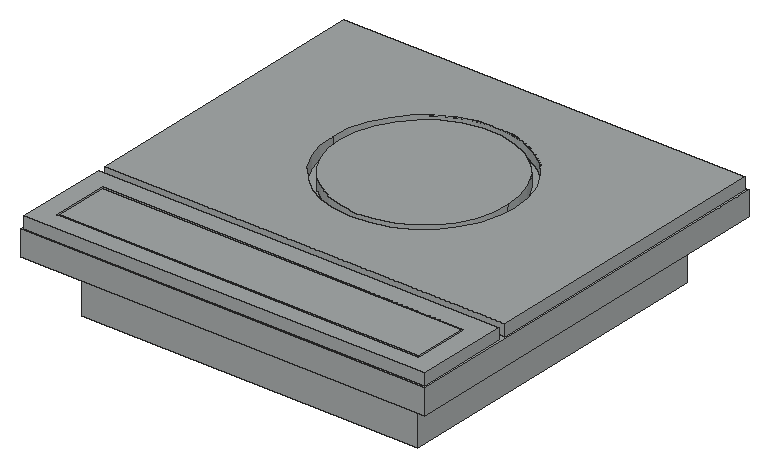
Revit family "Gira_5568926", category Electrical Fixtures, host Face, Revit 2017
Family settings
  Host = Face
  Maintain Annotation Orientation = Yes
  Round Connector Dimension = Use Diameter
  Part Type = Normal
  Cut with Voids When Loaded = No
  Shared = No
  Room Calculation Point = No
Parameters (values of type "Blank mod. System 106 alum.")
  Width = "0.1065"
  URL = "http://katalog.gira.de/en/datenblatt.html?artikelnr=5568926"
  Number of bell buttons = "0"
  Name = "Blank mod. System 106 alum."
  Model = "Sys106_Abdeckung_Schalten und Tasten"
  Manufacturer URL = "https://www.gira.de/"
  Manufacturer = "Gira"
  Installation technique = "Bus system"
  HeinzeBIM = "https://bimportal.heinze.de/bim/blank-mod-system-106-alum-/7e61e659c46ab993001918db1cf8af7d8b333562"
  Height = "0.1065"
  HAN = "5568926"
  GTIN = "4010337022855"
  Edelstahl [instance] = Edelstahl
  Description = "Bl.mod. S106 AL,System 106 blank module,,Aluminium,The Gira System 106 is an installation system made of metal in a puristic and elegant frameless design, based on basic measurements of 106.5 × 106.5 mm. With the modular door intercom in Gira System 106, hospitality begins even before you reach the front door. All the functions are presented in a harmonious overall appearance, from the call button module, intercom module, and camera module, up to the info and blank module. In the dark, backlit call buttons with inscription space ensure good legibility and an attractive appearance.,,Individually adaptable modular system, The System 106 can be used in family homes or apartment buildings, as well as in office buildings, industrial properties, and hotels. The modular design enables the system's size, design, and functionality to be individually adapted to the respective requirements. Expansions and changes are possible at any time by easily exchanging the modules.,With this system, it is also possible to exchange the fronts only. This means that the appearance of the system can be changed from e.g. traffic white to a stainless steel surface at a later stage, without having to exchange the electronic units.,,High-quality materials,The modules are frameless with design fronts made of genuine materials, available in two brushed stainless steel versions (V2A and V4A), anodised aluminium C-0, and a metal alloy lacquered in traffic white (RAL 9016): all robust materials which ensure durability. The camera and DIN 18040 display module feature a black glass cover.,,Easy and phased installation,The system can be installed in phases, in parallel to the progress of building work. In this way, it is possible to initially install only the lower part of a surface-mounted housing during construction of the shell; cables and modules can then be added when they are needed.,,Individual inscription options,Call button modules and info modules can be labelled individually via the Gira inscription service.,,Features:,- Leaves a space for future applications and serves as a design element for realising large door stations in the system style.,,Notes :,- The info module must be selected for an inscribable variant."
  Default Elevation = 1219.2 mm
  Data sheet (1) = "https://katalog.gira.de/en/download.html?artikelnr=5568926"
  Colour = "Silver"
  Category = "Functional module for door communication"
  BIM (1) = "https://media.stage.bim.site/public/gira/36a6b08/Sys106_Abdeckung_Schalten und Tasten.rfa?public/gira/36a6b08/Sys106_Abdeckung_Schalten und Tasten.rfa"
  Available = "No"
Reference planes
  plane 1 "Center (Front/Back)": y = 0
  plane 2 "Reference Level 0": z = 0
  plane 3 "Center (Left/Right)": x = 0
  plane 4 "Reference Level 1": z = 9.5
Forms (mm)
  Extrusion 1, solid, material "Edelstahl" <- "Edelstahl", detail levels coarse
    sketch origin (0, 0, 0) x (1, 0, 0) y (0, 1, 0)
      loop
        line (-53, 53) -> (-53, -53) -> (53, -53) -> (53, 53) -> (-53, 53)
    from -14.7 to 9.5
  Extrusion 2, solid, material "Edelstahl" <- "Edelstahl", detail levels fine
    sketch origin (0, 0, 0) x (1, 0, 0) y (0, 1, 0)
      loop
        line (52.5, -28) -> (-52.5, -28) -> (-52.5, -52.5) -> (52.5, -52.5) -> (52.5, -28)
      loop
        line (-47.5, -48) -> (47.5, -48) -> (47.5, -33) -> (-47.5, -33) -> (-47.5, -48)
    from 6.5 to 9.5
  Extrusion 3, solid, material "Edelstahl" <- "Edelstahl", detail levels fine
    sketch origin (0, 0, 0) x (1, 0, 0) y (0, 1, 0)
      loop
        line (-52.5, 52.5) -> (-52.5, -26) -> (52.5, -26) -> (52.5, 52.5) -> (-52.5, 52.5)
      loop
        circle (0, 13) r 24
    from 6.5 to 9.5
  Extrusion 4, solid, material "Edelstahl" <- "Edelstahl", detail levels medium+fine
    sketch origin (0, 0, 0) x (1, 0, 0) y (0, 1, 0)
      loop
        line (-53, 53) -> (-53, -53) -> (53, -53) -> (53, 53) -> (-53, 53)
    from 0 to 6.5
  Extrusion 5, solid, material "Edelstahl" <- "Edelstahl", detail levels fine
    sketch origin (0, 0, 0) x (1, 0, 0) y (0, 1, 0)
      loop
        line (-44, 44) -> (-44, -44) -> (44, -44) -> (44, 44) -> (-44, 44)
    from -14.7 to 0
  Extrusion 6, solid, material "Edelstahl" <- "Edelstahl", detail levels fine
    sketch origin (0, 0, 0) x (1, 0, 0) y (0, 1, 0)
      loop
        circle (0, 13) r 22
    from 6.5 to 9.5
  Extrusion 7, solid, material "Edelstahl" <- "Edelstahl", detail levels fine
    sketch origin (0, 0, 0) x (1, 0, 0) y (0, 1, 0)
      loop
        line (-47, -33.5) -> (-47, -47.5) -> (47, -47.5) -> (47, -33.5) -> (-47, -33.5)
    from 6.5 to 9.5
  Extrusion 8, solid, material "Edelstahl" <- "Edelstahl", detail levels medium
    sketch origin (0, 0, 0) x (1, 0, 0) y (0, 1, 0)
      loop
        line (-52.5, 52.5) -> (-52.5, -26) -> (52.5, -26) -> (52.5, 52.5) -> (-52.5, 52.5)
      loop
        line (-52.5, -28) -> (-52.5, -52.5) -> (52.5, -52.5) -> (52.5, -28) -> (-52.5, -28)
    from 6.5 to 9.5
  Extrusion 9, solid, material "Edelstahl" <- "Edelstahl", detail levels medium
    sketch origin (0, 0, 0) x (1, 0, 0) y (0, 1, 0)
      loop
        circle (0, 13) r 24
      loop
        line (-47.5, -33) -> (-47.5, -48) -> (47.5, -48) -> (47.5, -33) -> (-47.5, -33)
    from 6.5 to 9.5
Dimensions and locks
  aligned and locked: plane 2 "Reference Level 0" to host face
  aligned and locked: level to host face
  aligned and locked: Extrusion 4 to host face
  aligned and locked: Extrusion 4 to level
  aligned and locked: level to Extrusion 5
  aligned and locked: level to Extrusion 4
  aligned and locked: Extrusion 4 to plane 2 "Reference Level 0"
  aligned and locked: plane 2 "Reference Level 0" to Extrusion 5
  aligned and locked: plane 3 "Center (Left/Right)" to nested 1
  aligned and locked: plane 1 "Center (Front/Back)" to nested 1
Nested families
  nested 1: "Schalter" at (0, 0, 0), type "Schalter"
Connectors
  electrical at (0, 0, -14.7)
    settings: on Extrusion 5, index 1, voltage 220 V, apparent load 0 VA, apparent load phase1 0 VA, apparent load phase2 0 VA, apparent load phase3 0 VA, power factor 1, load classification "Other", number of poles 1, system type 30, power factor state 1, is connector primary yes, connector utility no, sub classification motor no, connector description ""
Definition of nested family "Schalter"
  Reference planes
    plane 1: y = 0
    plane 2: x = 0
  Lines and regions (mm)
    detail lines
      curve 1: circle (1.375, 2.778, 0) r 0.8 normal (0, 0, 1)
      curve 2: line (1.021, 2.061, 0) -> (0, 0, 0)
      curve 3: line (0, 0, 0) -> (-0.538, 0.266, 0)
  Dimensions and locks
    curve 2 to curve 2 = 2.3 mm
    curve 3 to curve 2 = 0.6 mm
    radius of curve 1 = 0.8 mm
